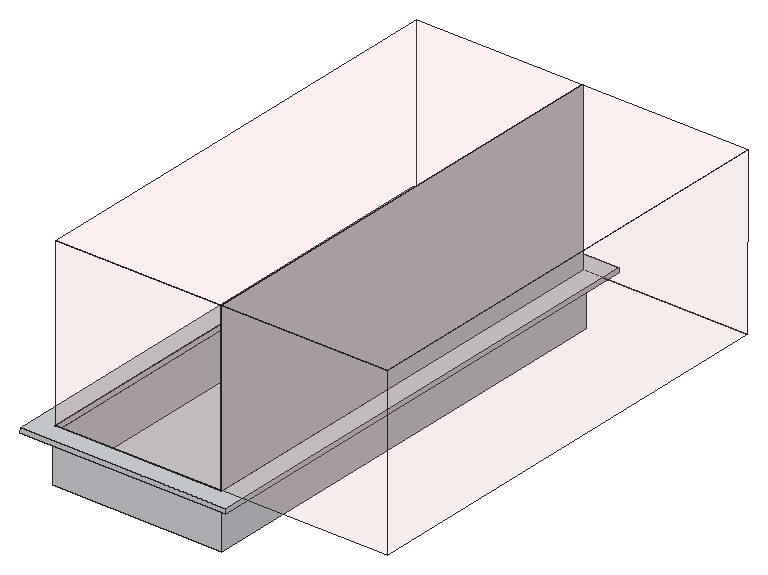
Revit family "Hager-VOLTA-Flush_mounted-IP30-With_Cover-Without_DIN-Hosted-AT-de", category Electrical Equipment, host Face, Revit 2023
Family settings
  Host = Face
  Panel Configuration = Two Columns, Circuits Across
  Round Connector Dimension = Use Diameter
  Part Type = Panelboard
  Cut with Voids When Loaded = No
  Maintain Annotation Orientation = Yes
  Shared = No
  Room Calculation Point = No
Parameters (values of type "VOLTA-Flush_mounted_W348_H880_D98_12_Modular_Spacing-VU60WWH")
  Width Control [instance] = if([HG000006-Unterputz], if([EF000846 - Einbaubreite] > min_whd, [EF000846 - Einbaubreite], min_whd), if([EF000008 - Breite] > min_whd, ([EF000008 - Breite]), min_whd))  # 314.5 mm
  Void Depth [instance] = if([HG000006-Unterputz], Depth Control, 1 mm)  # 89 mm
  Uniformat code = "D501001"
  Uniformat = "Low Tension Service & Dist."
  HGEF0002950-Breite in Teilungseinheiten = 12
  HGEF000266-Anzahl der Reihen = 0
  HG000131 - Functional label [instance] = ""
  HG000130 - Functional name [instance] = ""
  Type Comments = ""
  System Height [instance] = Height Control - 2 * [HG000005-Dicke]  # 841 mm
  Reference description = ""
  Reference = "VOLTA-Flush_mounted_W348_H880_D98_12_Modular_Spacing-VU60WWH"
  Object type = ""
  Name hager = "ADD_Enclosures_EC000214"
  Name BIM&CO = "Electricity"
  Name = "VOLTA-Flush_mounted-IP30-With_Cover-Without_DIN-AT"
  Model = ""
  HG000099-Onfly Template ID-de-AT = "507532"
  HG000060-RAL-number = "9010"
  HG000059-Operating voltage-de-AT [instance] = 230 V
  HG000017-Distanz zwischen den Polen = 18 mm
  HG000016-3D-Türsichtbarkeit = yes
  HG000015-Sichtbarkeit der Türöffnung = yes
  HG000014-Tür rechts = yes
  HG000013-Tür links = no
  HG000012-Türschwenkwinkel = 90.00°
  HG000011-Leere Reihen von unten = no
  HG000010-Asymmetrische Türen = no
  HG000009-Doppelflügeligen Tür = no
  HG000008-Anzahl der leeren Reihen = 0
  HG000007-Anzahl der leeren Spalten = 0
  HG000006-Unterputz = yes
  HG000005-Dicke = 2 mm
  HG000004-Herstellerreferenz = "VU60WWH"
  HG000003-Bereich = "VOLTA"
  HG000002-Mit tür = yes
  HG000001-Anzahl der Spalten = 0
  GTIN (Global Trade Item Number) = ""
  ETIM class name = "Small distribution board"
  ETIM class code = "EC000214"
  EF015941 - Signaldurchlassende Tür = yes
  EF015777 - Neutralleiterklemmenblock = yes
  EF015776 - Erdungsklemmenblock = yes
  EF009212 - Ausführung Deckel = "mit Ausschnitt"
  EF006306 - Mit Schloss = no
  EF006244 - Transparenter Deckel/Tür = no
  EF005474 - Schutzart (IP) = "IP30"
  EF004464 - Art der Tür = ""
  EF004462 - Art der Schließung = "sonstige"
  EF002950 - Breite in Teilungseinheiten = 12
  EF001596 - Werkstoff des Gehäuses = ""
  EF001134 - DIN-Schiene = no
  EF001131 - Innentiefe = 0 mm
  EF001088 - Anbaumöglichkeit = yes
  EF001062 - EMV-Ausführung = no
  EF000846 - Einbaubreite = 314.5 mm
  EF000339 - Art der Abdeckung = ""
  EF000332 - Einbauhöhe = 845 mm
  EF000266 - Anzahl der Reihen = 0
  EF000218 - Einbautiefe = 89 mm
  EF000118 - Mit Montageplatte = yes
  EF000116 - RAL-Nummer = 9010
  EF000049 - Tiefe = 98 mm
  EF000040 - Höhe = 880 mm
  EF000024 - UV-beständig = no
  EF000008 - Breite = 348 mm
  EF000007 - Farbe = "weiß"
  EF000003 - Montageart = "Unterputz"
  Creation Date = "12/15/2025 21:42:05"
  Code hager = "ADD-EC000214_EU"
  BIM&CO code = ""
  BC_VARIANT_ID = "1174039"
  BC_OBJECT_VERSION = "#3"  # constant formula
  BC_OBJECT_ID = "513455"  # constant formula
  BC_MODEL_ID = "1547063"  # constant formula
  Arrow Offset [instance] = Depth Control / 8  # 11.125 mm
  Arrow Height [instance] = Depth Control - Arrow Offset  # 77.875 mm
  Host Offset [instance] = if([HG000006-Unterputz], 0 mm, [EF000049 - Tiefe])  # 0 mm
  min_whd [instance] = (2 * [HG000005-Dicke]) + 1 mm  # 5 mm
  Manufacturer = "Hager"  # constant formula
  Height Control [instance] = if([HG000006-Unterputz], if([EF000332 - Einbauhöhe] > min_whd, [EF000332 - Einbauhöhe], min_whd), if([EF000040 - Höhe] > min_whd, ([EF000040 - Höhe]), min_whd))  # 845 mm
  Flush Mounted - Door Frame Width [instance] = if(([EF000040 - Höhe] - [EF000332 - Einbauhöhe]) > 0 mm, if([HG000006-Unterputz], [EF000040 - Höhe] - [EF000332 - Einbauhöhe], 0 mm), 0 mm)  # 35 mm
  Depth Control [instance] = if([HG000006-Unterputz], if([EF000218 - Einbautiefe] > 0 mm, [EF000218 - Einbautiefe], 1 mm), if([EF000049 - Tiefe] > 0 mm, ([EF000049 - Tiefe]), 1 mm))  # 89 mm
  Default Elevation = 0 mm
Types (5, lengths in mm): name | System Height | Reference | HG000004-Herstellerreferenz | EF015941 - Signaldurchlassende Tür | EF015777 - Neutralleiterklemmenblock | EF015776 - Erdungsklemmenblock | EF000332 - Einbauhöhe | EF000040 - Höhe | BC_VARIANT_ID | Height Control
  VOLTA-Flush_mounted_W348_H630_D98_12_Modular_Spacing-VU36NW | 591 | "VOLTA-Flush_mounted_W348_H630_D98_12_Modular_Spacing-VU36NW" | "VU36NW" | no | yes | yes | 595 | 630 | "1174030" | 595
  VOLTA-Flush_mounted_W348_H755_D98_12_Modular_Spacing-VU48NW | 716 | "VOLTA-Flush_mounted_W348_H755_D98_12_Modular_Spacing-VU48NW" | "VU48NW" | no | no | no | 720 | 755 | "1174033" | 720
  VOLTA-Flush_mounted_W348_H755_D98_12_Modular_Spacing-VU48WWH | 716 | "VOLTA-Flush_mounted_W348_H755_D98_12_Modular_Spacing-VU48WWH" | "VU48WWH" | yes | yes | yes | 720 | 755 | "1174035" | 720
  VOLTA-Flush_mounted_W348_H880_D98_12_Modular_Spacing-VU60NW | 841 | "VOLTA-Flush_mounted_W348_H880_D98_12_Modular_Spacing-VU60NW" | "VU60NW" | no | yes | yes | 845 | 880 | "1174037" | 845
  VOLTA-Flush_mounted_W348_H880_D98_12_Modular_Spacing-VU60WWH | 841 | "VOLTA-Flush_mounted_W348_H880_D98_12_Modular_Spacing-VU60WWH" | "VU60WWH" | yes | yes | yes | 845 | 880 | "1174039" | 845
Reference planes
  plane 1 "Center (Front/Back)": y = 0
  plane 2: z = 0
  plane 3 "Center (Left/Right)": x = 0
  plane 4: z = 0
  plane 5: y = 37
  plane 6: z = -5
  plane 7: y = 457.5
  plane 8: y = 35
  plane 9: y = 880
  plane 10: z = -89
  plane 11: x = -157.25
  plane 12: x = 157.25
  plane 13: x = 155.25
  plane 14: x = -155.25
  plane 15: y = 878
  plane 16: z = -87
  plane 17: z = -2
  plane 18: z = -89
  plane 19: z = -2
  plane 20 "Annotation H": y = -100
  plane 21 "Annotation V": x = 457.25
Forms (mm)
  Extrusion 1, solid
    sketch origin (-583.045, 35, 1219.2) x (-1, 0, 0) y (0, 0, 1)
      loop
        line (-425.795, -1219.2) -> (-740.295, -1219.2) -> (-740.295, -1308.2) -> (-425.795, -1308.2) -> (-425.795, -1219.2)
    from 0 to 845 <- "Height Control"
  Extrusion 2, void
    sketch origin (-381.607, -4572, 0) x (0, -1, 0) y (-1, 0, 0)
      loop
        line (-5450, -226.357) -> (-5450, -536.857) -> (-4609, -536.857) -> (-4609, -226.357) -> (-5450, -226.357)
    from 0 to 87
  Extrusion 3, void
    sketch origin (0, 0, 0) x (1, 0, 0) y (0, 1, 0)
      loop
        line (-157.25, 35) -> (157.25, 35) -> (157.25, 880) -> (-157.25, 880) -> (-157.25, 35)
    from -89 to 1
  Extrusion 4, solid, detail levels coarse+medium
    sketch origin (-381.607, -4572, 0) x (-1, 0, 0) y (0, -1, 0)
      loop
        line (-226.357, -5450) -> (-226.357, -4609) -> (-536.857, -4609) -> (-536.857, -5450) -> (-226.357, -5450)
    from 0 to -2
Cuts and joins
  Extrusion 2 cuts Extrusion 1
Dimensions and locks
  plane 4 to plane 6 = 5 mm
  "Host Offset": plane 4 to host face
  "Flush Mounted - Door Frame Width": plane 1 "Center (Front/Back)" to plane 8
  "HG000005-Dicke": plane 5 to plane 8
  locked: connector elem to plane 3 "Center (Left/Right)"
  "Height Control": plane 9 to plane 8
  equal spacing: plane 9, plane 7, plane 8
  locked: connector elem to plane 7
  "Depth Control": plane 4 to plane 10
  "HG000005-Dicke": plane 11 to plane 14
  "HG000005-Dicke": plane 12 to plane 13
  equal spacing: plane 11, plane 3 "Center (Left/Right)", plane 12
  "Width Control": plane 11 to plane 12
  "Arrow Offset": nested 4 to plane 10
  "HG000005-Dicke": plane 9 to plane 15
  "HG000005-Dicke": plane 16 to plane 10
  "HG000005-Dicke": plane 4 to plane 17
  "Void Depth": plane 2 to plane 18
  "HG000005-Dicke": plane 4 to plane 19
  locked: plane 20 "Annotation H" to plane 1 "Center (Front/Back)" at 100
  locked: plane 12 to plane 21 "Annotation V" at 300
  aligned and locked: plane 2 to host face
  aligned and locked: level to host face
  aligned and locked: plane 3 "Center (Left/Right)" to nested 2
  aligned and locked: plane 4 to nested 2
  aligned and locked: nested 2 to plane 8
  aligned and locked: nested 1 to plane 6
  aligned and locked: plane 5 to nested 1
  aligned and locked: nested 4 to plane 11
  aligned and locked: nested 3 to plane 4
  aligned and locked: Extrusion 1 sketch curve to plane 12
  aligned and locked: Extrusion 1 sketch curve to plane 11
  aligned and locked: nested 3 to plane 10
  aligned and locked: plane 10 to Extrusion 1 sketch curve
  aligned and locked: plane 5 to Extrusion 2 sketch curve
  aligned and locked: Extrusion 2 sketch curve to plane 15
  aligned and locked: Extrusion 2 sketch curve to plane 14
  aligned and locked: Extrusion 2 sketch curve to plane 13
  aligned and locked: plane 11 to Extrusion 3 sketch curve
  aligned and locked: plane 9 to Extrusion 3 sketch curve
  aligned and locked: Extrusion 3 sketch curve to plane 8
  aligned and locked: plane 12 to Extrusion 3 sketch curve
  aligned and locked: nested 3 to plane 12
  aligned and locked: Extrusion 3 to plane 18
  aligned and locked: Extrusion 2 to plane 16
  aligned and locked: Extrusion 1 sketch curve to plane 4
  aligned and locked: Extrusion 4 to plane 17
  aligned and locked: Extrusion 4 sketch curve to plane 15
  aligned and locked: Extrusion 4 sketch curve to plane 13
  aligned and locked: Extrusion 4 sketch curve to plane 14
  aligned and locked: plane 5 to Extrusion 4 sketch curve
  aligned and locked: nested 5 to plane 21 "Annotation V"
  aligned and locked: plane 20 "Annotation H" to nested 5
Automatic sketch dimensions
  host sketch curve to host sketch curve = 1469.727 mm
  host sketch curve to host sketch curve = 1434.803 mm
Nested families
  nested 1: "Hager_Enclosure_System" at (0, 37, -5) x (1, 0, 0) z (0, 1, 0), Height <- "System Height", Width_Control <- "Width Control", Built-in_Width <- "EF000846 - Einbaubreite", Width <- "EF000008 - Breite", Depth <- "HG000005-Dicke", Border <- "HG000005-Dicke", Distance_Between_Poles <- "HG000017-Distanz zwischen den Polen", Flush_Mounted <- "HG000006-Unterputz", Empty_Columns <- "HG000007-Anzahl der leeren Spalten", Total_No_Empty_Rows <- "HG000008-Anzahl der leeren Reihen", Empty_Rows_From_Bottom <- "HG000011-Leere Reihen von unten", Columns_Count <- "HG000001-Anzahl der Spalten", Rows_Count <- "HGEF000266-Anzahl der Reihen", Row_Module_Multiplicator <- "HGEF0002950-Breite in Teilungseinheiten", type "Hager_Enclosure_System", detail levels fine
    with Width_Control 314.5 mm, Width 348 mm, Total_No_Rows 0, Total_No_Empty_Rows 0, Total_No_Columns 1, System_Width 310.5 mm, Rows_Count 0, Rows_Column 0, Row_Module_Multiplicator 12, Panel_4 no, Panel_3 no, Panel_2 no, Panel_1 no, No_Panels_Ctrl 1, Hide_Columns yes, Height 841 mm, Flush_Mounted yes, Empty_Rows_From_Bottom no, Empty_Rows_Column 0, Empty_Columns 0, Empty column 4 0, Empty column 3 0, Empty column 2 0, Empty column 1 0, Distance_Between_Poles 18 mm, Depth 2 mm, Columns_Count 0, Column_Width 310.5 mm, Built-in_Width 314.5 mm, Border 2 mm
  nested 2: "Hager_Enclosure_Door" at (0, 35, 0) x (1, 0, 0) z (0, 1, 0), Height_Ctrl <- "Height Control", Width_Ctrl <- "Width Control", BuiltIn_Depth <- "EF000218 - Einbautiefe", Depth <- "EF000049 - Tiefe", BuiltIn_Width <- "EF000846 - Einbaubreite", Height <- "EF000040 - Höhe", BuiltIn_Height <- "EF000332 - Einbauhöhe", Width <- "EF000008 - Breite", Transparent <- "EF006244 - Transparenter Deckel/Tür", Border <- "HG000005-Dicke", Door <- "HG000002-Mit tür", Flush_Mounted <- "HG000006-Unterputz", Double <- "HG000009-Doppelflügeligen Tür", Assymetrical <- "HG000010-Asymmetrische Türen", Angle <- "HG000012-Türschwenkwinkel", Door_Left <- "HG000013-Tür links", Door_Right <- "HG000014-Tür rechts", Clearance <- "HG000015-Sichtbarkeit der Türöffnung", 3d_Door <- "HG000016-3D-Türsichtbarkeit", type "Hager_Enclosure_Door", detail levels medium+fine
    with min_wh 5 mm, Width_Ctrl 314.5 mm, Width 348 mm, Transparent_Door_No_Bottom_Border no, Transparent no, Leaf_Width 307.5 mm, Leaf_Tolerance 1.5 mm, Leaf_Height 838 mm, Leaf_2_Width 307.5 mm, Leaf_2_Offset 153.75 mm, Leaf_1_Width 307.5 mm, Leaf_1_Offset 153.75 mm, Height_Ctrl 845 mm, Height 880 mm, Frame_Width_Ctrl 33.5 mm, Frame_Width 33.5 mm, Frame_Internal_Offset 2 mm, Frame_Height_Ctrl 35 mm, Frame_Height 35 mm, Frame_Depth_Ctrl 9 mm, Frame_Depth 9 mm, Flush_Mounted yes, Double_Clearance_Ctrl no, Double no, Door_Right_Ctrl yes, Door_Right yes, Door_Left_Ctrl no, Door_Left no, Door yes, Depth 98 mm, Clearance_Depth 307.5 mm, Clearance_Ctrl yes, Clearance yes, BuiltIn_Width 314.5 mm, BuiltIn_Height 845 mm, BuiltIn_Depth 89 mm, Border 2 mm, Assymetrical no, Angle 90.00°, 3d_Door yes
  nested 3: "Hager_Enclosure_Symbol_Triangle" at (-157.25, 0, -89) x (1, 0, 0) z (0, -1, 0), Depth <- "Depth Control", Width <- "Width Control", type "Hager_Enclosure_Symbol_Triangle"
    with Width_Ctrl 314.5 mm, Width 314.5 mm, Depth_Ctrl 89 mm, Depth 89 mm
  nested 4: "Hager_Enclosure_Symbol_Arrow" at (-157.25, 0, -77.875) x (1, 0, 0) z (0, -1, 0), Height <- "Arrow Height", type "Hager_Enclosure_Symbol_Arrow"
    with Width_Inside 5.841 mm, Width 70.087 mm, Height_Ctrl 77.875 mm, Height 77.875 mm
  nested 5: "Hager_Annotation-HG000130" at (457.25, -100, 0) x (-1, 0, 0) z (0, 0, 1), HG000130 - Functional name <- "HG000130 - Functional name", type "Hager_Annotation-HG000130"
    with HG000130 - Functional name ""
Connectors
  electrical at (0, 457.5, -89)
    settings: on plane 10, index 1, voltage 0 V, apparent load 0 VA, apparent load phase1 0 VA, apparent load phase2 0 VA, apparent load phase3 0 VA, power factor 1, load classification "Other", number of poles 1, system type 30, power factor state 1, is connector primary yes, connector utility no, sub classification motor no, connector description ""
Definition of nested family "Hager_Enclosure_Door"
  Parameters (values of type "Hager_Enclosure_Door")
    min_wh [instance] = (2 * Border) + 1 mm  # 11 mm
    Width_Ctrl [instance] = 400 mm
    Width [instance] = 500 mm
    Transparent_Door_No_Bottom_Border [instance] = no
    Transparent [instance] = yes
    Leaf_Width [instance] = if((Width_Ctrl - 2 * Border - 2 * Leaf_Tolerance) > 0 mm, (Width_Ctrl - 2 * Border - 2 * Leaf_Tolerance), min_wh)  # 387 mm
    Leaf_Tolerance [instance] = 1.5 mm  # constant formula
    Leaf_Height [instance] = if((Height_Ctrl - 2 * Border - 2 * Leaf_Tolerance) > 0 mm, (Height_Ctrl - 2 * Border - 2 * Leaf_Tolerance), min_wh)  # 387 mm
    Leaf_2_Width [instance] = if(and(and(Double, Assymetrical), Door_Left), (Leaf_Width / 3) - (Leaf_Tolerance / 2), if(and(and(Double, Assymetrical), Door_Right), (Leaf_Width / 3) * 2 - (Leaf_Tolerance / 2), if(and(Double, not(Assymetrical)), (Leaf_Width / 2) - Leaf_Tolerance, Leaf_Width)))  # 387 mm
    Leaf_2_Offset [instance] = if(and(Double, Assymetrical), Leaf_2_Width / 2, if(and(Double, not(Assymetrical)), Leaf_Width / 4, Leaf_Width / 2))  # 193.5 mm
    Leaf_1_Width [instance] = if(and(and(Double, Assymetrical), Door_Right), (Leaf_Width / 3) - (Leaf_Tolerance / 2), if(and(and(Double, Assymetrical), Door_Left), (Width / 3) * 2 - (Leaf_Tolerance / 2), if(and(Double, not(Assymetrical)), (Leaf_Width / 2) - Leaf_Tolerance, Leaf_Width)))  # 387 mm
    Leaf_1_Offset [instance] = if(and(Double, Assymetrical), Leaf_1_Width / 2, if(and(Double, not(Assymetrical)), Leaf_Width / 4, Leaf_Width / 2))  # 193.5 mm
    Height_Ctrl [instance] = 400 mm
    Height [instance] = 500 mm
    Frame_Width_Ctrl [instance] = if(Frame_Width > 0 mm, Frame_Width, 1 mm)  # 1 mm
    Frame_Width [instance] = Width - BuiltIn_Width  # 0 mm
    Frame_Internal_Offset [instance] = if(Flush_Mounted, Border, 0 mm)  # 5 mm
    Frame_Height_Ctrl [instance] = if(Frame_Height > 0 mm, Frame_Height, 1 mm)  # 1 mm
    Frame_Height [instance] = Height - BuiltIn_Height  # 0 mm
    Frame_Depth_Ctrl [instance] = if(Frame_Depth > 0 mm, Frame_Depth, 1 mm)  # 1 mm
    Frame_Depth [instance] = if(Depth - BuiltIn_Depth > 0 mm, if(Flush_Mounted, Depth - BuiltIn_Depth, 0 mm), 0 mm)  # 0 mm
    Flush_Mounted [instance] = yes
    Double_Clearance_Ctrl [instance] = and(Double, Clearance)  # no
    Double [instance] = no
    Door_Right_Ctrl [instance] = and(or(Door_Right, Double), Door)  # yes
    Door_Right [instance] = yes
    Door_Left_Ctrl [instance] = and(or(Door_Left, Double), Door)  # no
    Door_Left [instance] = no
    Door [instance] = yes
    Depth [instance] = 500 mm
    Default Elevation = 1219.2 mm
    Clearance_Material = none
    Clearance_Depth [instance] = if(Leaf_1_Width > Leaf_2_Width, Leaf_1_Width, Leaf_2_Width)  # 387 mm
    Clearance_Ctrl [instance] = and(not(Double), Clearance)  # yes
    Clearance [instance] = yes
    BuiltIn_Width [instance] = 500 mm
    BuiltIn_Height [instance] = 500 mm
    BuiltIn_Depth [instance] = 500 mm
    Border [instance] = 5 mm
    Assymetrical [instance] = yes
    Angle [instance] = 30.00°
    3d_Door [instance] = yes
  Reference planes
    plane 1 "Center (Front/Back)": y = 0
    plane 2 "Bottom": z = 0
    plane 3 "Center (Left/Right)": x = 0
    plane 4: z = 400
    plane 5: x = -200
    plane 6: x = 200
    plane 7: z = 395
    plane 8: x = -195
    plane 9: z = 5
    plane 10: x = 195
    plane 11: y = 0
    plane 12: z = 6.5
    plane 13: x = -582
    plane 14: y = -387
    plane 15: x = 582
    plane 16: x = 0
    plane 17: x = 0
    plane 18: x = -193.5
    plane 19: x = 193.5
    plane 20: z = 393.5
  Forms (mm)
    Extrusion 1, solid, visible <- "Flush_Mounted"
      sketch origin (0, 0, 0) x (1, 0, 0) y (0, 0, 1)
        loop
          line (195, 5) -> (195, 395) -> (-195, 395) -> (-195, 5) -> (195, 5)
        loop
          line (-201, 401) -> (-201, -1) -> (201, -1) -> (201, 401) -> (-201, 401)
      from 0 to 1 <- "Frame_Depth_Ctrl"
    Extrusion 2, solid, material <- "Clearance_Material", visible <- "Double_Clearance_Ctrl"
      sketch origin (1200, 0, 0) x (1, 0, 0) y (0, 0, -1)
        loop
          line (-1782, -393.5) -> (-618, -393.5) -> (-618, 0) -> (-1782, 0) -> (-1782, -393.5)
      from 0 to -387
  Dimensions and locks
    equal spacing: plane 5, plane 3 "Center (Left/Right)", plane 6
    "Width_Ctrl": plane 5 to plane 6
    "Border": plane 5 to plane 8
    "Border": plane 6 to plane 10
    "Border": plane 9 to level
    "Border": plane 4 to plane 7
    "Height_Ctrl": plane 4 to level
    "Leaf_Tolerance": plane 12 to plane 9
    "Frame_Depth": plane 11 to plane 1 "Center (Front/Back)"
    "Frame_Width_Ctrl": plane 5 to Extrusion 1 sketch curve
    "Frame_Width_Ctrl": plane 6 to Extrusion 1 sketch curve
    "Frame_Width_Ctrl": Extrusion 1 sketch curve to plane 4
    "Frame_Width_Ctrl": plane 2 "Bottom" to Extrusion 1 sketch curve
    "Leaf_1_Offset": plane 18 to plane 16
    "Leaf_2_Offset": plane 17 to plane 19
    "Leaf_1_Width": plane 13 to plane 8
    "Leaf_2_Width": plane 10 to plane 15
    "Clearance_Depth": plane 14 to plane 1 "Center (Front/Back)"
    "Leaf_Tolerance": plane 8 to plane 18
    "Leaf_Tolerance": plane 19 to plane 10
    "Leaf_Tolerance": plane 7 to plane 20
    "Frame_Internal_Offset": plane 5 to Extrusion 1 sketch curve
    "Frame_Internal_Offset": Extrusion 1 sketch curve to plane 2 "Bottom"
    "Frame_Internal_Offset": plane 6 to Extrusion 1 sketch curve
    "Frame_Internal_Offset": plane 4 to Extrusion 1 sketch curve
    aligned and locked: level to plane 2 "Bottom"
    aligned and locked: nested 1 to plane 16
    aligned and locked: nested 2 to plane 17
    aligned and locked: Extrusion 2 to plane 13
    aligned and locked: plane 15 to Extrusion 2
    aligned and locked: Extrusion 2 to plane 14
    aligned and locked: plane 12 to nested 1
    aligned and locked: nested 2 to plane 12
    aligned and locked: Extrusion 2 to plane 11
    aligned and locked: plane 20 to Extrusion 2
    aligned and locked: nested 2 to plane 11
    aligned and locked: nested 1 to plane 11
  Automatic sketch dimensions
    Extrusion 2 sketch curve to level = 0 mm
    plane 5 to Extrusion 2 sketch curve = 382 mm
    plane 6 to Extrusion 2 sketch curve = 382 mm
    Extrusion 2 sketch curve to plane 4 = 6.5 mm
  Nested families
    nested 1: "Hager_Enclosure_Door_Leaf" at (0, 0, 6.5), Width <- "Leaf_1_Width", visible <- "Door_Left_Ctrl", Leaf_Height <- "Leaf_Height", Angle <- "Angle", Depth <- "Border", 3d_Door <- "3d_Door", Transparent <- "Transparent", Clearance Material <- "Clearance_Material", Clearance <- "Clearance_Ctrl", Transparent_Door_No_Bottom_Border <- "Transparent_Door_No_Bottom_Border", type "Hager_Enclosure_Door_Leaf"
      with Width 387 mm, Transparent_Door_No_Bottom_Border no, Transparent_Door_Border_Bottom_Top 25 mm, Transparent_Door_Border 25 mm, Transparent_Ctrl yes, Transparent yes, Standard no, Leaf_Height 387 mm, Glass_Offset 1 mm, Depth 5 mm, Clearance Material none, Clearance yes, Angle_Ctrl 30.00°, Angle 30.00°, 3d_Door yes
    nested 2: "Hager_Enclosure_Door_Leaf" at (0, 0, 6.5) x (-1, 0, 0) z (0, 0, 1), Width <- "Leaf_2_Width", visible <- "Door_Right_Ctrl", Leaf_Height <- "Leaf_Height", Angle <- "Angle", Depth <- "Border", 3d_Door <- "3d_Door", Transparent <- "Transparent", Clearance Material <- "Clearance_Material", Clearance <- "Clearance_Ctrl", Transparent_Door_No_Bottom_Border <- "Transparent_Door_No_Bottom_Border", type "Hager_Enclosure_Door_Leaf"
      with Width 387 mm, Transparent_Door_No_Bottom_Border no, Transparent_Door_Border_Bottom_Top 25 mm, Transparent_Door_Border 25 mm, Transparent_Ctrl yes, Transparent yes, Standard no, Leaf_Height 387 mm, Glass_Offset 1 mm, Depth 5 mm, Clearance Material none, Clearance yes, Angle_Ctrl 30.00°, Angle 30.00°, 3d_Door yes
  Definition of nested family "Hager_Enclosure_Door_Leaf"
    Parameters (values of type "Hager_Enclosure_Door_Leaf")
      Width [instance] = 2000 mm
      Transparent_Door_No_Bottom_Border [instance] = yes
      Transparent_Door_Border_Bottom_Top [instance] = if(Transparent_Door_No_Bottom_Border, 0.1 mm, Transparent_Door_Border)  # 0.1 mm
      Transparent_Door_Border [instance] = if(Transparent_Door_No_Bottom_Border, (Width * 0.12), 25 mm)  # 240 mm
      Transparent_Ctrl [instance] = and(Transparent, [3d_Door])  # yes
      Transparent [instance] = yes
      Standard [instance] = and(not(Transparent), [3d_Door])  # no
      Leaf_Height [instance] = 2720.336 mm
      Glass_Offset [instance] = if((Depth - 10 mm) / 2 > 0 mm, (Depth - 10 mm) / 2, 1 mm)  # 15 mm
      Glass_Material = none
      Depth [instance] = 40 mm
      Default Elevation = 0 mm
      Clearance Material [instance] = none
      Clearance [instance] = yes
      Angle_Ctrl [instance] = if(Angle > 170.00°, 170.00°, Angle)  # 45.00°
      Angle [instance] = 45.00°
      3d_Door [instance] = yes
    Reference planes
      plane 1 "Center (Front/Back)": y = 0
      plane 2: z = 0
      plane 3 "Center (Left/Right)": x = 0
      plane 4: y = 2000
      plane 5: x = -1000
      plane 6: x = 1000
      plane 7: x = -3000
      plane 8: z = 2720.336
      plane 9: z = 0.1
      plane 10: z = 2720.236
      plane 11: x = 760
      plane 12: x = -760
    Forms (mm)
      Extrusion 1, solid, material <- "Clearance Material", visible <- "Clearance"
        sketch origin (0, 0, 0) x (1, 0, 0) y (0, 0, 1)
          loop
            line (-3000, 2720.336) -> (-3000, 0) -> (1000, 0) -> (1000, 2720.336) -> (-3000, 2720.336)
        from 0 to -2000
      Extrusion 2, solid, visible <- "Standard", detail levels medium+fine
        sketch origin (-1000, 0, 0) x (0.707107, 0.707107, 0) y (-0.707107, 0.707107, 0)
          loop
            line (0, -40) -> (2000, -40) -> (2000, 0) -> (0, 0) -> (0, -40)
        from 0 to 2720.336 <- "Leaf_Height"
      Extrusion 3, solid, visible <- "Transparent_Ctrl", detail levels medium+fine
        sketch origin (-1000, 0, 0) x (0.707107, 0.707107, 0) y (-0.707107, 0.707107, 0)
          loop
            line (0, -40) -> (2000, -40) -> (2000, 0) -> (0, 0) -> (0, -40)
        from 0 to 2720.336 <- "Leaf_Height"
      Extrusion 4, void, detail levels medium+fine
        sketch origin (-1000, 0, 0) x (-0.707107, 0.707107, 0) y (0.707107, 0.707107, 0)
          loop
            line (0, 240) -> (0, 1760) -> (-40, 1760) -> (-40, 240) -> (0, 240)
        from -2720.236 to -0.1
      Extrusion 5, solid, material <- "Glass_Material", visible <- "Transparent_Ctrl", detail levels medium+fine
        sketch origin (-1000, 0, 0) x (0.707107, 0.707107, 0) y (-0.707107, 0.707107, 0)
          loop
            line (240, -15) -> (240, -25) -> (1760, -25) -> (1760, -15) -> (240, -15)
        from 0.1 to 2720.236
    Cuts and joins
      Extrusion 4 cuts Extrusion 3
    Lines and regions (mm)
      symbolic lines
        curve 1: line (1000, 0, 0) -> (-3000, 0, 0)
        curve 2: arc (1000, 0, 0) -> (-1000, 2000, 0) -> (-3000, 0, 0) r 2000
        curve 4: line (-1000, 0, 0) -> (414.214, 1414.214, 0)
      reference lines
        curve 3: line (-1000, 0, 0) -> (414.214, 1414.214, 0)
      symbolic lines, detail levels medium+fine
        curve 5: line (414.214, 1414.214, 0) -> (442.498, 1385.929, 0)
        curve 6: line (442.498, 1385.929, 0) -> (-971.716, -28.284, 0)
        curve 7: line (-971.716, -28.284, 0) -> (-1000, 0, 0)
        curve 8: line (-1000, 0, 2720.336) -> (1000, 0, 2720.336)
        curve 9: line (-1000, 0, 0) -> (-1000, 0, 2720.336)
        curve 10: line (1000, 0, 0) -> (-1000, 0, 0)
        curve 11: line (1000, 0, 2720.336) -> (1000, 0, 0)
      symbolic lines, visible <- "Transparent_Ctrl", detail levels medium+fine
        curve 12: line (-760, 0, 2720.236) -> (760, 0, 2720.236)
        curve 13: line (-760, 0, 0.1) -> (-760, 0, 2720.236)
        curve 14: line (760, 0, 0.1) -> (-760, 0, 0.1)
        curve 15: line (760, 0, 2720.236) -> (760, 0, 0.1)
    Dimensions and locks
      "Width": plane 1 "Center (Front/Back)" to plane 4
      equal spacing: plane 5, plane 3 "Center (Left/Right)", plane 6
      "Width": plane 5 to plane 6
      "Width": plane 7 to plane 5
      "Leaf_Height": plane 8 to level
      "Depth": curve 6 to curve 3
      "Width": curve 5 to curve 3
      "Width": curve 3 to curve 3
      "Transparent_Door_Border": Extrusion 4 sketch curve to curve 7
      "Transparent_Door_Border": Extrusion 4 sketch curve to curve 5
      "Transparent_Door_Border_Bottom_Top": plane 8 to plane 10
      "Transparent_Door_Border_Bottom_Top": plane 9 to level
      "Glass_Offset": Extrusion 5 sketch curve to curve 4
      "Glass_Offset": Extrusion 5 sketch curve to curve 6
      "Transparent_Door_Border": Extrusion 5 sketch curve to curve 5
      "Transparent_Door_Border": Extrusion 5 sketch curve to curve 7
      "Transparent_Door_Border": plane 12 to plane 5
      "Transparent_Door_Border": plane 6 to plane 11
      "Angle_Ctrl": angle plane 1 "Center (Front/Back)" to curve 3
      aligned and locked: level to plane 2
      aligned and locked: Extrusion 1 to curve 1
      aligned and locked: plane 6 to Extrusion 1
      aligned and locked: Extrusion 1 to plane 1 "Center (Front/Back)"
      aligned and locked: plane 4 to Extrusion 1
      aligned and locked: plane 8 to Extrusion 1
      aligned and locked: curve 4 to curve 3
      aligned and locked: Extrusion 2 sketch curve to curve 7
      aligned and locked: Extrusion 2 sketch curve to curve 6
      aligned and locked: Extrusion 2 sketch curve to curve 5
      aligned and locked: Extrusion 2 sketch curve to curve 3
      aligned and locked: curve 7 to Extrusion 3 sketch curve
      aligned and locked: Extrusion 3 sketch curve to curve 4
      aligned and locked: Extrusion 3 sketch curve to curve 6
      aligned and locked: Extrusion 3 sketch curve to curve 5
      aligned and locked: curve 4 to Extrusion 4 sketch curve
      aligned and locked: curve 6 to Extrusion 4 sketch curve
      aligned and locked: Extrusion 4 to plane 9
      aligned and locked: Extrusion 4 to plane 10
      aligned and locked: Extrusion 5 to plane 9
      aligned and locked: Extrusion 5 to plane 10
      aligned and locked: curve 8 to plane 8
      aligned and locked: plane 5 to curve 9
      aligned and locked: plane 2 to curve 10
      aligned and locked: curve 11 to plane 6
      aligned and locked: plane 10 to curve 12
      aligned and locked: plane 12 to curve 13
      aligned and locked: curve 14 to plane 9
      aligned and locked: plane 11 to curve 15
    Automatic sketch dimensions
      plane 1 "Center (Front/Back)" to curve 2 = 0 mm
      curve 2 to plane 5 = 0 mm
      Extrusion 1 sketch curve to level = 0 mm
      Extrusion 1 sketch curve to plane 7 = 0 mm
      Extrusion 1 sketch curve to plane 6 = 0 mm
      Extrusion 1 sketch curve to plane 8 = 0 mm
      plane 1 "Center (Front/Back)" to curve 3 = 0 mm
      curve 3 to plane 5 = 0 mm
      curve 7 to curve 3 = 0 mm
Definition of nested family "Hager_Enclosure_Symbol_Triangle"
  Parameters (values of type "Hager_Enclosure_Symbol_Triangle")
    Width_Ctrl [instance] = if(Width > 1 mm, Width, 1 mm)  # 498 mm
    Width [instance] = 498 mm
    Depth_Ctrl [instance] = if(Depth > 1 mm, Depth, 1 mm)  # 72 mm
    Depth [instance] = 72 mm
  Reference planes
    plane 1 "Centre (avant/arrière)": y = 0
    plane 2: z = 0
    plane 3 "Centre (gauche/droite)": x = 0
  Lines and regions (mm)
    Filled region 1, type "Solid_Black", in view "Niveau de réf."
      outline origin (0, 0, 0) x (1, 0, 0) y (0, 1, 0)
        loop
          line (0, 0) -> (498, 0) -> (498, 72) -> (0, 0)
    reference lines, in view "Niveau de réf."
      curve 1: line (-206.153, 72, 0) -> (1083.258, 72, 0)
      curve 2: line (498, 405.456, 0) -> (498, -517.619, 0)
  Dimensions and locks
    "Depth_Ctrl": plane 1 "Centre (avant/arrière)" to curve 1
    "Width_Ctrl": plane 3 "Centre (gauche/droite)" to curve 2
    aligned and locked: curve 1 to Filled region 1 sketch curve
    aligned and locked: Filled region 1 sketch curve to plane 1 "Centre (avant/arrière)"
    aligned and locked: curve 2 to Filled region 1 sketch curve
    aligned and locked: plane 3 "Centre (gauche/droite)" to Filled region 1 sketch curve
    aligned and locked: plane 1 "Centre (avant/arrière)" to Filled region 1 sketch curve
  Automatic sketch dimensions
    curve 1 to plane 3 "Centre (gauche/droite)" = 206.153 mm
    curve 2 to curve 1 = 585.258 mm
    plane 1 "Centre (avant/arrière)" to curve 2 = 517.619 mm
    curve 2 to plane 1 "Centre (avant/arrière)" = 405.456 mm
Definition of nested family "Hager_Enclosure_Symbol_Arrow"
  Parameters (values of type "Hager_Enclosure_Symbol_Arrow")
    Width_Inside [instance] = if(Width / 12 > 2 mm, Width / 12, 2 mm)  # 4.987 mm
    Width [instance] = if(Height_Ctrl * 0.9 > 2 mm, Height_Ctrl * 0.9, 2 mm)  # 59.85 mm
    Height_Ctrl [instance] = if(Height > 2 mm, Height, 2 mm)  # 66.5 mm
    Height [instance] = 66.5 mm
  Reference planes
    plane 1 "Centre (avant/arrière)": y = 0
    plane 2: z = 0
    plane 3 "Centre (gauche/droite)": x = 0
    plane 4: x = 59.85
    plane 5: y = 28.263
    plane 6: y = 38.238
    plane 7: y = 66.5
    plane 8: x = 29.925
    plane 9: y = 33.25
  Lines and regions (mm)
    Filled region 1, type "Solid_Black", in view "Niveau de réf."
      outline origin (0, 0, 0) x (1, 0, 0) y (0, 1, 0)
        loop
          line (59.85, 66.5) -> (37.929, 52.827) -> (51.846, 41.935) -> (59.85, 66.5)
    detail lines, in view "Niveau de réf."
      curve 1: line (0, 0, 0) -> (29.925, 38.238, 0)
      curve 2: line (29.925, 38.238, 0) -> (29.925, 28.263, 0)
      curve 3: line (29.925, 28.263, 0) -> (59.85, 66.5, 0)
  Dimensions and locks
    "Width": plane 3 "Centre (gauche/droite)" to plane 4
    "Height_Ctrl": plane 7 to plane 1 "Centre (avant/arrière)"
    equal spacing: plane 3 "Centre (gauche/droite)", plane 8, plane 4
    equal spacing: plane 7, plane 9, plane 1 "Centre (avant/arrière)"
    equal spacing: plane 6, plane 9, plane 5
    "Width_Inside": plane 6 to plane 9
    equal spacing: curve 3, Filled region 1 sketch curve, Filled region 1 sketch curve
    angle Filled region 1 sketch curve to curve 3 = 20.00°
    angle curve 3 to Filled region 1 sketch curve = 20.00°
    locked: curve 3 to Filled region 1 sketch curve (angle 90.00°)
  Automatic sketch dimensions
    plane 1 "Centre (avant/arrière)" to curve 1 = 0 mm
    curve 1 to plane 3 "Centre (gauche/droite)" = 0 mm
    curve 2 to plane 6 = 0 mm
    curve 3 to plane 8 = 0 mm
    curve 3 to plane 4 = 0 mm
    curve 2 to plane 5 = 0 mm
    curve 3 to plane 7 = 0 mm
    Filled region 1 sketch curve to plane 4 = 0 mm
    Filled region 1 sketch curve to plane 7 = 0 mm
Definition of nested family "Hager_Annotation-HG000130"
  Parameters (values of type "Hager_Annotation-HG000130")
    HG000130 - Functional name [instance] = ""
  Reference planes
    plane 1: y = 0
    plane 2: x = 0
  Lines and regions (mm)
    detail lines
      curve 1: line (-27.5, 10, 0) -> (27.5, 10, 0)
      curve 2: line (-27.5, -10, 0) -> (-27.5, 10, 0)
      curve 3: line (27.5, -10, 0) -> (-27.5, -10, 0)
      curve 4: line (27.5, 10, 0) -> (27.5, -10, 0)
  Text (mm)
    label "HG000130 - Functional name" at (0.16, 0.026, 0), shows "HG000130 - Functional name"
